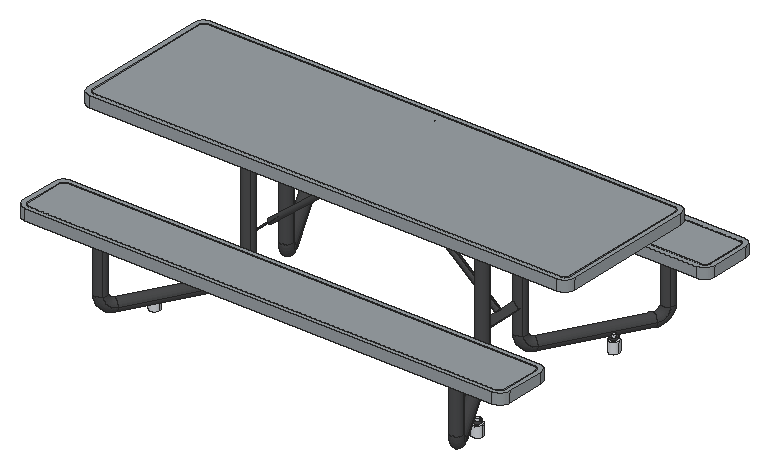
Revit family "OF-YT8XPx-ADA", category Furniture, Revit 2020
Family settings
  Work Plane-Based = No
  Always vertical = Yes
  Cut with Voids When Loaded = No
  Shared = No
  Room Calculation Point = No
Parameters (values of type "OF-YT8XPSM-ADA")
  Table Width = 8' - 0"
  Table Top [instance] = Getzen Gray Expanded
  Table Frame [instance] = Getzen Gray Solid
  Surface Mount = yes
  Seat Top [instance] = Getzen Gray Expanded
  Seat Frame [instance] = Getzen Gray Solid
  Mount = yes
  Model = "OF-YT8XPSM-ADA"
  Leg Placement = 3' - 10 1/8"
  In Ground = no
  HS Seat Count = 8
  Frame [instance] = Getzen Black Solid
  ES Seat Count = 12
  Default Elevation = 0' - 0"
  Bench Width = 8' - 0"
Types (3): name | Surface Mount | Mount | Model | In Ground
  OF-YT8XPP-ADA | no | no | "OF-YT8XPP-ADA" | no
  OF-YT8XPSM-ADA | yes | yes | "OF-YT8XPSM-ADA" | no
  OF-YT8XPIG-ADA | no | yes | "OF-YT8XPIG-ADA" | yes
Reference planes (in)
  plane 1 "Center (Front/Back)": y = 0
  plane 2: z = 0
  plane 3 "Center (Left/Right)": x = 0
  plane 4 "Leg Left": x = -23.0625
  plane 5 "Leg Right": x = 23.0625
  plane 6 "Bench End Left": x = -48
  plane 7 "Bench End Right": x = 48
  plane 8 "Bench": z = 16.75
  plane 9 "Top": z = 29.675
Forms (in)
  Sweep 1, solid, material "Getzen Black Solid" <- "Frame"
    path origin (-20.76827, -0.59981, 0) x (0.489435, 0.87204, 0) y (0, 0, 1)
      loop
        line (-4.6875, 27.425) -> (-4.6875, 3.5625)
        arc (-4.6875, 3.5625) -> (-5.38312, 1.88312) -> (-7.0625, 1.1875) r 2.375
        line (-7.0625, 1.1875) -> (-26.875, 1.1875)
        arc (-26.875, 1.1875) -> (-28.55438, 1.88312) -> (-29.25, 3.5625) r 2.375
        line (-29.25, 3.5625) -> (-29.25, 14.5)
    profile origin (-23.0625, -4.6875, 15.49375) x (0.87204, -0.489435, 0) y (0.489435, 0.87204, 0)
      loop
        circle (0, 0) r 1.1875
  Extrusion 2, solid, material "Getzen Black Solid" <- "Frame"
    sketch origin (-12, 0, 0) x (1, 0, 0) y (0, 0, 1)
      loop
        line (-24.25, 14.5) -> (-21.875, 14.5) -> (-21.875, 16.5) -> (-22.125, 16.5) -> (-22.125, 14.75) -> (-24.25, 14.75) -> (-24.25, 14.5)
    from 20.5 to 30
  Extrusion 3, solid, material "Getzen Black Solid" <- "Frame"
    sketch origin (0, 0, 0) x (1, 0, 0) y (0, 0, 1)
      loop
        line (-24.25, 27.425) -> (-21.875, 27.425) -> (-21.875, 29.425) -> (-22.125, 29.425) -> (-22.125, 27.675) -> (-24.25, 27.675) -> (-24.25, 27.425)
    from -14 to 14
  Extrusion 4, solid, material "Getzen Black Solid" <- "Frame"
    sketch origin (-12, 0, 0) x (1, 0, 0) y (0, 0, -1)
      loop
        line (-24.25, -14.5) -> (-24.25, -14.75) -> (-22.125, -14.75) -> (-22.125, -16.5) -> (-21.875, -16.5) -> (-21.875, -14.5) -> (-24.25, -14.5)
    from 20.5 to 30
  Extrusion 5, solid, material "Getzen Black Solid" <- "Frame"
    sketch origin (12, 0, 0) x (-1, 0, 0) y (0, 0, -1)
      loop
        line (-24.25, -14.5) -> (-24.25, -14.75) -> (-22.125, -14.75) -> (-22.125, -16.5) -> (-21.875, -16.5) -> (-21.875, -14.5) -> (-24.25, -14.5)
    from 20.5 to 30
  Extrusion 6, solid, material "Getzen Black Solid" <- "Frame"
    sketch origin (0, 0, 0) x (-1, 0, 0) y (0, 0, -1)
      loop
        line (-24.25, -27.425) -> (-24.25, -27.675) -> (-22.125, -27.675) -> (-22.125, -29.425) -> (-21.875, -29.425) -> (-21.875, -27.425) -> (-24.25, -27.425)
    from -14 to 14
  Extrusion 7, solid, material "Getzen Black Solid" <- "Frame"
    sketch origin (12, 0, 0) x (-1, 0, 0) y (0, 0, 1)
      loop
        line (-24.25, 14.5) -> (-21.875, 14.5) -> (-21.875, 16.5) -> (-22.125, 16.5) -> (-22.125, 14.75) -> (-24.25, 14.75) -> (-24.25, 14.5)
    from 20.5 to 30
  Extrusion 8, solid, material "Getzen Gray Solid" <- "Seat Frame"
    sketch origin (0, 0, 0) x (1, 0, 0) y (0, 1, 0)
      loop
        arc (-46, -19.5) -> (-47.41421, -20.08579) -> (-48, -21.5) r 2
        line (-48, -21.5) -> (-48, -29)
        arc (-48, -29) -> (-47.41421, -30.41421) -> (-46, -31) r 2
        line (-46, -31) -> (46, -31)
        arc (46, -31) -> (47.41421, -30.41421) -> (48, -29) r 2
        line (48, -29) -> (48, -21.5)
        arc (48, -21.5) -> (47.41421, -20.08579) -> (46, -19.5) r 2
        line (46, -19.5) -> (-46, -19.5)
      loop
        line (-47, -21.5) -> (-47, -29)
        arc (-47, -29) -> (-46.70711, -29.70711) -> (-46, -30) r 1
        line (-46, -30) -> (46, -30)
        arc (46, -30) -> (46.70711, -29.70711) -> (47, -29) r 1
        line (47, -29) -> (47, -21.5)
        arc (47, -21.5) -> (46.70711, -20.79289) -> (46, -20.5) r 1
        line (46, -20.5) -> (-46, -20.5)
        arc (-46, -20.5) -> (-46.70711, -20.79289) -> (-47, -21.5) r 1
    from 14.75 to 16.75
  Extrusion 9, solid, material "Getzen Gray Expanded" <- "Seat Top"
    sketch origin (0, 0, 0) x (1, 0, 0) y (0, 1, 0)
      loop
        arc (-46, -20.5) -> (-46.70711, -20.79289) -> (-47, -21.5) r 1
        line (-47, -21.5) -> (-47, -29)
        arc (-47, -29) -> (-46.70711, -29.70711) -> (-46, -30) r 1
        line (-46, -30) -> (46, -30)
        arc (46, -30) -> (46.70711, -29.70711) -> (47, -29) r 1
        line (47, -29) -> (47, -21.5)
        arc (47, -21.5) -> (46.70711, -20.79289) -> (46, -20.5) r 1
        line (46, -20.5) -> (-46, -20.5)
    from 16.625 to 16.75
  Extrusion 10, solid, material "Getzen Gray Solid" <- "Table Frame"
    sketch origin (0, 0, 0) x (1, 0, 0) y (0, 1, 0)
      loop
        line (46, 14) -> (-46, 14)
        arc (-46, 14) -> (-46.70711, 13.70711) -> (-47, 13) r 1
        line (-47, 13) -> (-47, -13)
        arc (-47, -13) -> (-46.70711, -13.70711) -> (-46, -14) r 1
        line (-46, -14) -> (46, -14)
        arc (46, -14) -> (46.70711, -13.70711) -> (47, -13) r 1
        line (47, -13) -> (47, 13)
        arc (47, 13) -> (46.70711, 13.70711) -> (46, 14) r 1
      loop
        line (46, 15) -> (-46, 15)
        arc (-46, 15) -> (-47.41421, 14.41421) -> (-48, 13) r 2
        line (-48, 13) -> (-48, -13)
        arc (-48, -13) -> (-47.41421, -14.41421) -> (-46, -15) r 2
        line (-46, -15) -> (46, -15)
        arc (46, -15) -> (47.41421, -14.41421) -> (48, -13) r 2
        line (48, -13) -> (48, 13)
        arc (48, 13) -> (47.41421, 14.41421) -> (46, 15) r 2
    from 27.67578 to 29.67578
  Extrusion 11, solid, material "Getzen Gray Solid" <- "Seat Frame"
    sketch origin (0, 0, 0) x (1, 0, 0) y (0, 1, 0)
      loop
        line (-46, 19.5) -> (46, 19.5)
        arc (46, 19.5) -> (47.41421, 20.08579) -> (48, 21.5) r 2
        line (48, 21.5) -> (48, 29)
        arc (48, 29) -> (47.41421, 30.41421) -> (46, 31) r 2
        line (46, 31) -> (-46, 31)
        arc (-46, 31) -> (-47.41421, 30.41421) -> (-48, 29) r 2
        line (-48, 29) -> (-48, 21.5)
        arc (-48, 21.5) -> (-47.41421, 20.08579) -> (-46, 19.5) r 2
      loop
        arc (-47, 21.5) -> (-46.70711, 20.79289) -> (-46, 20.5) r 1
        line (-46, 20.5) -> (46, 20.5)
        arc (46, 20.5) -> (46.70711, 20.79289) -> (47, 21.5) r 1
        line (47, 21.5) -> (47, 29)
        arc (47, 29) -> (46.70711, 29.70711) -> (46, 30) r 1
        line (46, 30) -> (-46, 30)
        arc (-46, 30) -> (-46.70711, 29.70711) -> (-47, 29) r 1
        line (-47, 29) -> (-47, 21.5)
    from 14.75 to 16.75
  Extrusion 12, solid, material "Getzen Gray Expanded" <- "Seat Top"
    sketch origin (0, 0, 0) x (1, 0, 0) y (0, 1, 0)
      loop
        arc (-46, 30) -> (-46.70711, 29.70711) -> (-47, 29) r 1
        line (-47, 29) -> (-47, 21.5)
        arc (-47, 21.5) -> (-46.70711, 20.79289) -> (-46, 20.5) r 1
        line (-46, 20.5) -> (46, 20.5)
        arc (46, 20.5) -> (46.70711, 20.79289) -> (47, 21.5) r 1
        line (47, 21.5) -> (47, 29)
        arc (47, 29) -> (46.70711, 29.70711) -> (46, 30) r 1
        line (46, 30) -> (-46, 30)
    from 16.625 to 16.75
  Extrusion 13, solid, material "Getzen Gray Expanded" <- "Table Top"
    sketch origin (0, 0, 0) x (1, 0, 0) y (0, 1, 0)
      loop
        arc (-46, 14) -> (-46.70711, 13.70711) -> (-47, 13) r 1
        line (-47, 13) -> (-47, -13)
        arc (-47, -13) -> (-46.70711, -13.70711) -> (-46, -14) r 1
        line (-46, -14) -> (46, -14)
        arc (46, -14) -> (46.70711, -13.70711) -> (47, -13) r 1
        line (47, -13) -> (47, 13)
        arc (47, 13) -> (46.70711, 13.70711) -> (46, 14) r 1
        line (46, 14) -> (-46, 14)
    from 29.55078 to 29.67578
  Extrusion 14, solid, material "Getzen Black Solid" <- "Frame", visible <- "Mount"
    sketch origin (-6.98182, 0, 0) x (1, 0, 0) y (0, 1, 0)
      loop
        circle (-24.8125, -16.81326) r 0.75
      loop
        circle (38.77614, -16.81326) r 0.75
      loop
        circle (-24.8125, 16.81326) r 0.75
      loop
        circle (38.77614, 16.81326) r 0.75
    from 0.375 to 0.625
  Extrusion 15, solid, visible <- "Mount"
    sketch origin (-6.98182, 0, 0) x (1, 0, 0) y (0, 1, 0)
      loop
        circle (-24.8125, -16.81326) r 0.375
      loop
        circle (38.77614, -16.81326) r 0.375
      loop
        circle (-24.8125, 16.81326) r 0.375
      loop
        circle (38.77614, 16.81326) r 0.375
    from 0 to 1
  Extrusion 16, solid, visible <- "Surface Mount"
    sketch origin (-6.98182, 0, 0) x (1, 0, 0) y (0, 1, 0)
      loop
        circle (-24.8125, -16.81326) r 1
      loop
        circle (38.77614, -16.81326) r 1
      loop
        circle (-24.8125, 16.81326) r 1
      loop
        circle (38.77614, 16.81326) r 1
    from -2 to 0
  Extrusion 17, solid, visible <- "In Ground"
    sketch origin (-6.98182, 0, 0) x (1, 0, 0) y (0, 1, 0)
      loop
        circle (-24.8125, -16.81326) r 2
      loop
        circle (38.77614, -16.81326) r 2
      loop
        circle (-24.8125, 16.81326) r 2
      loop
        circle (38.77614, 16.81326) r 2
    from -8 to 0
  Extrusion 18, solid, material "Getzen Gray Solid" <- "Table Frame"
    sketch origin (0, 0, 0) x (1, 0, 0) y (0, 0, 1)
      loop
        line (-22.125, 29.425) -> (-22.375, 29.425) -> (-22.375, 27.67578) -> (-22.125, 27.67578) -> (-22.125, 29.425)
      loop
        line (-0.125, 29.425) -> (-0.125, 27.67578) -> (0.125, 27.67578) -> (0.125, 29.425) -> (-0.125, 29.425)
      loop
        line (22.125, 29.425) -> (22.125, 27.67578) -> (22.375, 27.67578) -> (22.375, 29.425) -> (22.125, 29.425)
    from -14 to 14
  Extrusion 19, solid, material "Getzen Black Solid" <- "Frame"
    sketch origin (0, 0, 0) x (1, 0, 0) y (0, 0, 1)
      loop
        line (-22.62056, 9.36872) -> (-23.68122, 8.30806) -> (-23.50444, 8.13128) -> (-22.44378, 9.19194) -> (-22.62056, 9.36872)
      loop
        line (22.62056, 9.36872) -> (22.44378, 9.19194) -> (23.50444, 8.13128) -> (23.68122, 8.30806) -> (22.62056, 9.36872)
    from -3.75 to 3.75
  Sweep 20, solid, material "Getzen Black Solid" <- "Frame"
    path origin (0, 0, 0) x (1, 0, 0) y (0, 0, 1)
      loop
        line (-22.53217, 9.28033) -> (-0.125, 27.67578)
    profile origin (-11.32858, 0, 18.47806) x (-0.634524, 0, 0.772903) y (0, -1, 0)
      loop
        circle (0, 0) r 0.5
  Sweep 21, solid, material "Getzen Black Solid" <- "Frame"
    path origin (0, 0, 0) x (-1, 0, 0) y (0, 0, 1)
      loop
        line (-22.53217, 9.28033) -> (-0.125, 27.67578)
    profile origin (11.32858, 0, 18.47806) x (-0.634524, 0, -0.772903) y (0, -1, 0)
      loop
        circle (0, 0) r 0.5
  Sweep 22, solid, material "Getzen Black Solid" <- "Frame"
    path origin (-20.76827, 0.59981, 0) x (0.489435, -0.87204, 0) y (0, 0, -1)
      loop
        line (-4.6875, -27.425) -> (-4.6875, -3.5625)
        arc (-4.6875, -3.5625) -> (-5.38312, -1.88312) -> (-7.0625, -1.1875) r 2.375
        line (-7.0625, -1.1875) -> (-26.875, -1.1875)
        arc (-26.875, -1.1875) -> (-28.55438, -1.88312) -> (-29.25, -3.5625) r 2.375
        line (-29.25, -3.5625) -> (-29.25, -14.5)
    profile origin (-23.0625, 4.6875, 15.49375) x (0.87204, 0.489435, 0) y (-0.489435, 0.87204, 0)
      loop
        circle (0, 0) r 1.1875
  Sweep 23, solid, material "Getzen Black Solid" <- "Frame"
    path origin (20.76827, -0.59981, 0) x (-0.489435, 0.87204, 0) y (0, 0, -1)
      loop
        line (-4.6875, -27.425) -> (-4.6875, -3.5625)
        arc (-4.6875, -3.5625) -> (-5.38312, -1.88312) -> (-7.0625, -1.1875) r 2.375
        line (-7.0625, -1.1875) -> (-26.875, -1.1875)
        arc (-26.875, -1.1875) -> (-28.55438, -1.88312) -> (-29.25, -3.5625) r 2.375
        line (-29.25, -3.5625) -> (-29.25, -14.5)
    profile origin (23.0625, -4.6875, 15.49375) x (-0.87204, -0.489435, 0) y (0.489435, -0.87204, 0)
      loop
        circle (0, 0) r 1.1875
  Sweep 24, solid, material "Getzen Black Solid" <- "Frame"
    path origin (20.76827, 0.59981, 0) x (-0.489435, -0.87204, 0) y (0, 0, 1)
      loop
        line (-4.6875, 27.425) -> (-4.6875, 3.5625)
        arc (-4.6875, 3.5625) -> (-5.38312, 1.88312) -> (-7.0625, 1.1875) r 2.375
        line (-7.0625, 1.1875) -> (-26.875, 1.1875)
        arc (-26.875, 1.1875) -> (-28.55438, 1.88312) -> (-29.25, 3.5625) r 2.375
        line (-29.25, 3.5625) -> (-29.25, 14.5)
    profile origin (23.0625, 4.6875, 15.49375) x (-0.87204, 0.489435, 0) y (-0.489435, -0.87204, 0)
      loop
        circle (0, 0) r 1.1875
Dimensions and locks (in)
  equal spacing: plane 4 "Leg Left", plane 3 "Center (Left/Right)", plane 5 "Leg Right"
  "Leg Placement": plane 4 "Leg Left" to plane 5 "Leg Right"
  equal spacing: plane 6 "Bench End Left", plane 3 "Center (Left/Right)", plane 7 "Bench End Right"
  "Bench Width": plane 6 "Bench End Left" to plane 7 "Bench End Right"
  locked: plane 9 "Top" to Sweep 1 sketch curve at 2.25
  locked: plane 8 "Bench" to Sweep 1 sketch curve at 2.25
  locked: level to Sweep 1 sketch curve at 1.1875
  locked: Extrusion 11 sketch curve to Extrusion 11 sketch curve at 1  (x2)
  equal spacing: Extrusion 10 sketch curve, plane 3 "Center (Left/Right)", Extrusion 10 sketch curve
  "Table Width": Extrusion 10 sketch curve to Extrusion 10 sketch curve
  locked: Extrusion 10 sketch curve to Extrusion 10 sketch curve at 1  (x4)
  equal spacing: Extrusion 10 sketch curve, plane 1 "Center (Front/Back)", Extrusion 10 sketch curve
  locked: Extrusion 10 sketch curve to Extrusion 10 sketch curve at 30
  Extrusion 11 to Extrusion 11 = 8' - 0"
  radius of Extrusion 10 sketch curve = 0' - 2"  (x4)
  aligned and locked: plane 2 to level
  aligned and locked: Extrusion 8 sketch curve to plane 6 "Bench End Left"
  aligned and locked: plane 7 "Bench End Right" to Extrusion 8 sketch curve
  aligned and locked: Extrusion 9 sketch curve to Extrusion 8  (x3)
  aligned and locked: Extrusion 11 sketch curve to plane 6 "Bench End Left"
  aligned and locked: plane 7 "Bench End Right" to Extrusion 11 sketch curve
  aligned and locked: Extrusion 12 sketch curve to Extrusion 11  (x4)
  aligned and locked: Extrusion 13 sketch curve to Extrusion 10  (x4)
  aligned and locked: Extrusion 18 sketch curve to Extrusion 10  (x2)
  aligned and locked: Extrusion 6 to Extrusion 18 sketch curve
  aligned and locked: Extrusion 18 sketch curve to Extrusion 6
  aligned and locked: Extrusion 18 sketch curve to Extrusion 18 sketch curve
  aligned and locked: Extrusion 10 to Extrusion 18 sketch curve
  aligned and locked: Extrusion 18 sketch curve to Extrusion 3
  aligned and locked: Extrusion 3 to Extrusion 18 sketch curve
  aligned and locked: Extrusion 10 to Sweep 20 sketch curve
  aligned and locked: Extrusion 18 to Sweep 20 sketch curve
  aligned and locked: Extrusion 19 to Sweep 20 sketch curve
  aligned and locked: Extrusion 10 to Sweep 21 sketch curve
  aligned and locked: Sweep 21 sketch curve to Extrusion 18
  aligned and locked: Extrusion 19 to Sweep 21 sketch curve
Automatic sketch dimensions
  level to Sweep 1 sketch curve = 0' - 3 9/16"  (x2)
  Sweep 1 sketch curve to Sweep 1 sketch curve = 1' - 7 13/16"
  profile plane to Sweep 1 sketch curve = 0' - 0"  (x2)
  Extrusion 2 sketch curve to plane 8 "Bench" = 0' - 2 1/4"
  plane 6 "Bench End Left" to Extrusion 2 sketch curve = 0' - 11 3/4"
  Extrusion 2 sketch curve to plane 8 "Bench" = 0' - 0 1/4"
  Extrusion 2 sketch curve to Extrusion 2 sketch curve = 0' - 2 1/8"
  Extrusion 2 sketch curve to Extrusion 2 sketch curve = 0' - 0 1/4"  (x2)
  Extrusion 3 sketch curve to plane 4 "Leg Left" = 0' - 1 3/16"
  Extrusion 3 sketch curve to plane 9 "Top" = 0' - 0 1/4"
  plane 4 "Leg Left" to Extrusion 3 sketch curve = 0' - 0 15/16"
  Extrusion 3 sketch curve to Extrusion 3 sketch curve = 0' - 0 1/4"  (x2)
  Extrusion 3 sketch curve to plane 9 "Top" = 0' - 2"
  Extrusion 4 sketch curve to plane 8 "Bench" = 0' - 2 1/4"
  plane 6 "Bench End Left" to Extrusion 4 sketch curve = 0' - 11 3/4"
  Extrusion 4 sketch curve to plane 8 "Bench" = 0' - 0 1/4"
  Extrusion 4 sketch curve to Extrusion 4 sketch curve = 0' - 2 1/8"
  Extrusion 4 sketch curve to Extrusion 4 sketch curve = 0' - 0 1/4"  (x2)
  plane 8 "Bench" to Extrusion 5 sketch curve = 0' - 2 1/4"
  plane 7 "Bench End Right" to Extrusion 5 sketch curve = 0' - 11 3/4"
  plane 8 "Bench" to Extrusion 5 sketch curve = 0' - 0 1/4"
  Extrusion 5 sketch curve to Extrusion 5 sketch curve = 0' - 2 1/8"
  Extrusion 5 sketch curve to Extrusion 5 sketch curve = 0' - 0 1/4"  (x2)
  Extrusion 6 sketch curve to plane 5 "Leg Right" = 0' - 1 3/16"
  plane 9 "Top" to Extrusion 6 sketch curve = 0' - 0 1/4"
  plane 5 "Leg Right" to Extrusion 6 sketch curve = 0' - 0 15/16"
  Extrusion 6 sketch curve to Extrusion 6 sketch curve = 0' - 0 1/4"  (x2)
  plane 9 "Top" to Extrusion 6 sketch curve = 0' - 2"
  Extrusion 7 sketch curve to plane 8 "Bench" = 0' - 2 1/4"
  Extrusion 7 sketch curve to plane 7 "Bench End Right" = 0' - 11 3/4"
  Extrusion 7 sketch curve to plane 8 "Bench" = 0' - 0 1/4"
  Extrusion 7 sketch curve to Extrusion 7 sketch curve = 0' - 2 1/8"
  Extrusion 7 sketch curve to Extrusion 7 sketch curve = 0' - 0 1/4"  (x2)
  Extrusion 8 sketch curve to Extrusion 8 sketch curve = 0' - 0"  (x8)
  Extrusion 8 sketch curve to Extrusion 8 sketch curve = 0' - 1"  (x5)
  plane 1 "Center (Front/Back)" to Extrusion 8 sketch curve = 2' - 7"
  Extrusion 8 sketch curve to Extrusion 8 sketch curve = 0' - 7 1/2"
  Extrusion 9 sketch curve to Extrusion 9 sketch curve = 0' - 1"  (x3)
  Extrusion 9 sketch curve to Extrusion 9 sketch curve = 0' - 7 1/2"
  Extrusion 11 sketch curve to Extrusion 11 sketch curve = 0' - 0"  (x8)
  Extrusion 11 sketch curve to Extrusion 11 sketch curve = 0' - 1"  (x4)
  plane 1 "Center (Front/Back)" to Extrusion 11 sketch curve = 2' - 7"
  Extrusion 11 sketch curve to Extrusion 11 sketch curve = 0' - 7 1/2"
  Extrusion 12 sketch curve to Extrusion 12 sketch curve = 0' - 1"  (x4)
  Extrusion 13 sketch curve to Extrusion 13 sketch curve = 0' - 1"  (x4)
  Extrusion 18 sketch curve to Extrusion 18 sketch curve = 0' - 0 1/4"  (x2)
  Extrusion 18 sketch curve to plane 3 "Center (Left/Right)" = 0' - 0 1/8"
  plane 3 "Center (Left/Right)" to Extrusion 18 sketch curve = 0' - 0 1/8"
  Extrusion 19 sketch curve to plane 4 "Leg Left" = 0' - 0.61872"
  Extrusion 19 sketch curve to Extrusion 19 sketch curve = 0' - 0.17678"  (x4)
  plane 4 "Leg Left" to Extrusion 19 sketch curve = 0' - 0.44194"
  Extrusion 19 sketch curve to plane 5 "Leg Right" = 0' - 0.61872"
  plane 5 "Leg Right" to Extrusion 19 sketch curve = 0' - 0.44194"
  level to Extrusion 19 sketch curve = 0' - 8.13128"  (x2)
  plane 4 "Leg Left" to Sweep 20 sketch curve = 0' - 0.53033"
  plane 1 "Center (Front/Back)" to Sweep 20 sketch curve = 0' - 0"
  Sweep 20 sketch curve to profile plane = 0' - 0"
  plane 5 "Leg Right" to Sweep 21 sketch curve = 0' - 0.53033"
  plane 1 "Center (Front/Back)" to Sweep 21 sketch curve = 0' - 0"
  Sweep 21 sketch curve to profile plane = 0' - 0"
  level to Sweep 22 sketch curve = 0' - 3 9/16"  (x2)
  Sweep 22 sketch curve to Sweep 22 sketch curve = 0' - 2 3/8"
  Sweep 22 sketch curve to Sweep 22 sketch curve = 1' - 7 13/16"
  Sweep 22 sketch curve to plane 8 "Bench" = 0' - 2 1/4"
  Sweep 22 sketch curve to plane 9 "Top" = 0' - 2 1/4"
  profile plane to Sweep 22 sketch curve = 0' - 0"
  Sweep 22 sketch curve to profile plane = 0' - 0"
  level to Sweep 23 sketch curve = 0' - 3 9/16"  (x2)
  Sweep 23 sketch curve to Sweep 23 sketch curve = 0' - 2 3/8"
  Sweep 23 sketch curve to Sweep 23 sketch curve = 1' - 7 13/16"
  Sweep 23 sketch curve to plane 8 "Bench" = 0' - 2 1/4"
  Sweep 23 sketch curve to plane 9 "Top" = 0' - 2 1/4"
  Sweep 23 sketch curve to profile plane = 0' - 0"
  profile plane to Sweep 23 sketch curve = 0' - 0"
  level to Sweep 24 sketch curve = 0' - 3 9/16"  (x2)
  Sweep 24 sketch curve to Sweep 24 sketch curve = 0' - 2 3/8"
  Sweep 24 sketch curve to Sweep 24 sketch curve = 1' - 7 13/16"
  Sweep 24 sketch curve to plane 8 "Bench" = 0' - 2 1/4"
  Sweep 24 sketch curve to plane 9 "Top" = 0' - 2 1/4"
  Sweep 24 sketch curve to profile plane = 0' - 0"  (x2)
  Extrusion 17 sketch curve to plane 4 "Leg Left" = 0' - 8.73182"  (x2)
  plane 5 "Leg Right" to Extrusion 17 sketch curve = 0' - 8.73182"  (x2)
  plane 1 "Center (Front/Back)" to Extrusion 17 sketch curve = 1' - 4.81326"  (x2)
  Extrusion 17 sketch curve to plane 1 "Center (Front/Back)" = 1' - 4.81326"  (x2)
  Extrusion 16 sketch curve to plane 4 "Leg Left" = 0' - 8.73182"  (x2)
  plane 5 "Leg Right" to Extrusion 16 sketch curve = 0' - 8.73182"  (x2)
  plane 1 "Center (Front/Back)" to Extrusion 16 sketch curve = 1' - 4.81326"  (x2)
  Extrusion 16 sketch curve to plane 1 "Center (Front/Back)" = 1' - 4.81326"  (x2)
  Extrusion 14 sketch curve to plane 4 "Leg Left" = 0' - 8.73182"  (x2)
  plane 5 "Leg Right" to Extrusion 14 sketch curve = 0' - 8.73182"  (x2)
  plane 1 "Center (Front/Back)" to Extrusion 14 sketch curve = 1' - 4.81326"  (x2)
  Extrusion 14 sketch curve to plane 1 "Center (Front/Back)" = 1' - 4.81326"  (x2)
  Extrusion 15 sketch curve to plane 4 "Leg Left" = 0' - 8.73182"  (x2)
  plane 5 "Leg Right" to Extrusion 15 sketch curve = 0' - 8.73182"  (x2)
  plane 1 "Center (Front/Back)" to Extrusion 15 sketch curve = 1' - 4.81326"  (x2)
  Extrusion 15 sketch curve to plane 1 "Center (Front/Back)" = 1' - 4.81326"  (x2)
  Extrusion 10 sketch curve to Extrusion 10 sketch curve = 0' - 0"  (x4)
  radius of Sweep 1 sketch curve = 0' - 1 3/16"
  radius of Sweep 20 sketch curve = 0' - 0 1/2"
  radius of Sweep 21 sketch curve = 0' - 0 1/2"
  radius of Sweep 22 sketch curve = 0' - 1 3/16"
  radius of Sweep 23 sketch curve = 0' - 1 3/16"
  radius of Sweep 24 sketch curve = 0' - 1 3/16"
  radius of Extrusion 17 sketch curve = 0' - 2"  (x4)
  radius of Extrusion 16 sketch curve = 0' - 1"  (x4)
  radius of Extrusion 14 sketch curve = 0' - 0 3/4"  (x4)
  radius of Extrusion 15 sketch curve = 0' - 0 3/8"  (x4)
